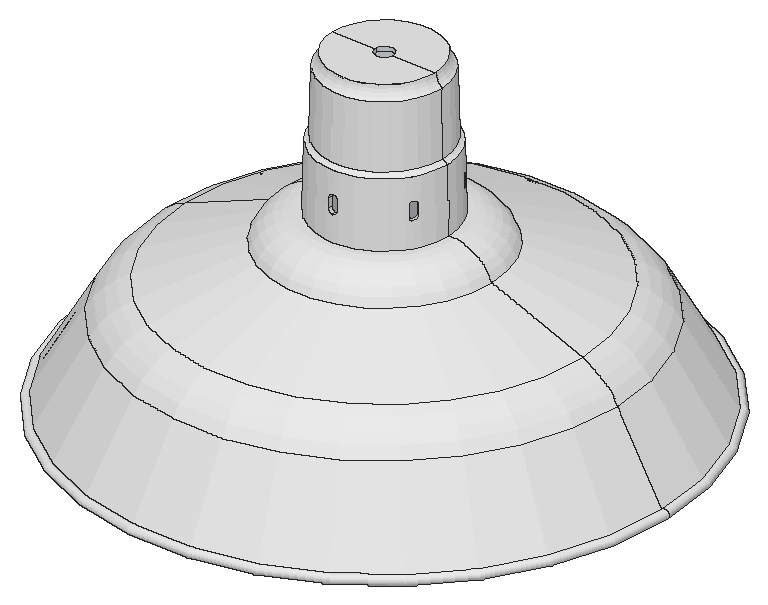
Revit family "V216 SHADE", category Lighting Fixtures, Revit 2024
Family settings
  Round Connector Dimension = Use Diameter
  Part Type = Normal
  OmniClass Number = 23.80.70.00
  OmniClass Title = Lighting
  Work Plane-Based = No
  Always vertical = Yes
  Cut with Voids When Loaded = No
  Light Source = Yes
  Maintain Annotation Orientation = No
  Shared = No
  Room Calculation Point = No
Parameters
  Wattage = 12.1178 W
  built-in parameter 1150110 = 1 (stored number, unit not read)
  built-in parameter 1114217 = 1 (stored number, unit not read)
  built-in parameter 1150109 = 1 (stored number, unit not read)
  built-in parameter 1150134 = (empty or 0)
  built-in parameter 1150113 = 1 (stored number, unit not read)
  Lumens = 1800 lm
  built-in parameter 1150115 = 1 (stored number, unit not read)
  built-in parameter 1150105 = 572.96 (stored number, unit not read)
  Light Source Symbol Size = 2' - 0"
  built-in parameter 1150137 = (empty or 0)
  built-in parameter 1150139 = (empty or 0)
  built-in parameter 1150112 = 1 (stored number, unit not read)
  built-in parameter 1150114 = 1 (stored number, unit not read)
  built-in parameter 1150132 = 2
  built-in parameter 1150102 = (empty or 0)
  built-in parameter 1150138 = (empty or 0)
  built-in parameter 1150107 = 3000 (stored number, unit not read)
  built-in parameter 1150106 = 5.7296 (stored number, unit not read)
  built-in parameter 1150104 = 13.8 (stored number, unit not read)
  Dimming Lamp Color Temperature Shift = (empty or 0)
  Default Elevation = 0' - 0"
  Color Filter = 16777215
  built-in parameter 1114218 = 1 (stored number, unit not read)
  built-in parameter 1150133 = 10 (stored number, unit not read)
Reference planes (in)
  plane 1 "Light Source Axis (F/B)": y = 0
  plane 2: z = 0
  plane 3 "Light Source Axis (L/R)": x = 0
  plane 4 "Light Source Elevation": z = 54
Forms (in)
  Revolve 1, solid
    sketch origin (0, 0, 0) x (1, 0, 0) y (0, 0, 1)
      loop
        arc (-7.81283, 54.23344) -> (-7.97628, 54.05174) -> (-7.75255, 54.1501) r 0.125
        line (-7.75255, 54.1501) -> (-6.49637, 56.3411)
        arc (-6.49637, 56.3411) -> (-6.08661, 56.83738) -> (-5.53506, 57.16901) r 1.90625
        line (-5.53506, 57.16901) -> (-2.94671, 58.17812)
        arc (-2.94671, 58.17812) -> (-2.46441, 58.76651) -> (-1.71398, 58.89167) r 1.08143
        line (-1.71398, 58.89167) -> (-1.68583, 60.74069)
        arc (-1.68583, 60.74069) -> (-1.61257, 60.79824) -> (-1.55655, 60.87268) r 0.35951
        line (-1.55655, 60.87268) -> (-1.52942, 62.6078)
        arc (-1.52942, 62.6078) -> (-1.42513, 62.74478) -> (-1.36542, 62.90625) r 0.58275
        line (-1.36542, 62.90625) -> (-0.25, 62.90625) -> (-0.25, 63) -> (-1.44752, 63)
        arc (-1.44752, 63) -> (-1.49848, 62.80673) -> (-1.62252, 62.65) r 0.489
        line (-1.62252, 62.65) -> (-1.64989, 60.9)
        arc (-1.64989, 60.9) -> (-1.70643, 60.83988) -> (-1.77869, 60.8) r 0.26576
        line (-1.77869, 60.8) -> (-1.80609, 58.99995)
        arc (-1.80609, 58.99995) -> (-2.54015, 58.83043) -> (-3.02043, 58.25) r 1.17518
        line (-3.02043, 58.25) -> (-5.56911, 57.25636)
        arc (-5.56911, 57.25636) -> (-6.14779, 56.90841) -> (-6.5777, 56.38773) r 2
        line (-6.5777, 56.38773) -> (-7.81283, 54.23344)
      axis (0, 63) -> (0, 54.1501)
    angle from 0 to 360
  Extrusion 2, void
    sketch origin (0, 0, 0) x (1, 0, 0) y (0, 0, 1)
      loop
        arc (0.125, 60.07495) -> (0, 60.19995) -> (-0.125, 60.07495) r 0.125
        line (-0.125, 60.07495) -> (-0.125, 59.82495)
        arc (-0.125, 59.82495) -> (0, 59.69995) -> (0.125, 59.82495) r 0.125
        line (0.125, 59.82495) -> (0.125, 60.07495)
    from 0 to 12
  Extrusion 3, void
    sketch origin (0, 0, 0) x (0.5, -0.866025, 0) y (0, 0, 1)
      loop
        arc (0.125, 60.07495) -> (0, 60.19995) -> (-0.125, 60.07495) r 0.125
        line (-0.125, 60.07495) -> (-0.125, 59.82495)
        arc (-0.125, 59.82495) -> (0, 59.69995) -> (0.125, 59.82495) r 0.125
        line (0.125, 59.82495) -> (0.125, 60.07495)
    from 0 to 12
  Extrusion 4, void
    sketch origin (0, 0, 0) x (0.5, 0.866025, 0) y (0, 0, 1)
      loop
        arc (0.125, 60.07495) -> (0, 60.19995) -> (-0.125, 60.07495) r 0.125
        line (-0.125, 60.07495) -> (-0.125, 59.82495)
        arc (-0.125, 59.82495) -> (0, 59.69995) -> (0.125, 59.82495) r 0.125
        line (0.125, 59.82495) -> (0.125, 60.07495)
    from 0 to 12
  Extrusion 5, void
    sketch origin (0, 0, 0) x (-0.5, 0.866025, 0) y (0, 0, 1)
      loop
        arc (0.125, 60.07495) -> (0, 60.19995) -> (-0.125, 60.07495) r 0.125
        line (-0.125, 60.07495) -> (-0.125, 59.82495)
        arc (-0.125, 59.82495) -> (0, 59.69995) -> (0.125, 59.82495) r 0.125
        line (0.125, 59.82495) -> (0.125, 60.07495)
    from 0 to 12
  Extrusion 6, void
    sketch origin (0, 0, 0) x (-1, 0, 0) y (0, 0, 1)
      loop
        arc (0.125, 60.07495) -> (0, 60.19995) -> (-0.125, 60.07495) r 0.125
        line (-0.125, 60.07495) -> (-0.125, 59.82495)
        arc (-0.125, 59.82495) -> (0, 59.69995) -> (0.125, 59.82495) r 0.125
        line (0.125, 59.82495) -> (0.125, 60.07495)
    from 0 to 12
  Extrusion 7, void
    sketch origin (0, 0, 0) x (-0.5, -0.866025, 0) y (0, 0, 1)
      loop
        arc (0.125, 60.07495) -> (0, 60.19995) -> (-0.125, 60.07495) r 0.125
        line (-0.125, 60.07495) -> (-0.125, 59.82495)
        arc (-0.125, 59.82495) -> (0, 59.69995) -> (0.125, 59.82495) r 0.125
        line (0.125, 59.82495) -> (0.125, 60.07495)
    from 0 to 12
Cuts and joins
  Extrusion 2, Extrusion 3, Extrusion 4, Extrusion 5, Extrusion 6, Extrusion 7 cuts Revolve 1
Dimensions and locks (in)
  aligned and locked: plane 3 "Light Source Axis (L/R)" to imposter light
  aligned and locked: plane 1 "Light Source Axis (F/B)" to imposter light
  aligned and locked: plane 4 "Light Source Elevation" to imposter light
  aligned and locked: level to plane 2
